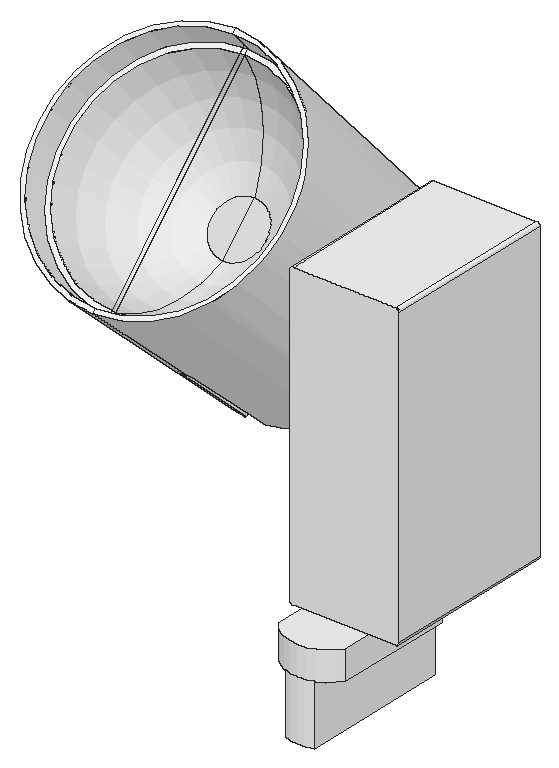
Revit family "0004929 Feilo Sylvania Lighting Fixture START TRACK SPOT L DALI 4448LM 930 MB WHT", category Lighting Fixtures, host Face, Revit 2017
Family settings
  Host = Face
  Round Connector Dimension = Use Diameter
  Part Type = Normal
  OmniClass Number = 23.80.70.00
  OmniClass Title = Lighting
  Cut with Voids When Loaded = No
  Light Source = No
  Shared = No
  Room Calculation Point = No
Parameters (values of type "0004929 START TRACK SPOT L DALI 4448LM 930 MB WHT")
  Weight = "1.398 kg"
  Wattage Comments = ""
  WarrantyStartDate [instance] = "n/a"
  WarrantyGuarantorParts = "n/a"
  WarrantyDurationUnit = "n/a"
  WarrantyDurationParts = "n/a"
  WarrantyDescription = "n/a"
  Voltage = 230 V
  URL = "http://www.sylvania-lighting.com/"
  TypeName = "START TRACK SPOT L DALI 4448LM 930 MB WHT"
  TypeHead_FEILO = Start Track Spot Head : 0004869 START TRACK SPOT L 55W 3K RA90 MB WHITE
  TypeBox_FEILO = Start Track Spot Box : Type Large White
  Type Image = <None>
  Type Comments = "n/a"
  VerticalRotation_FEILO [instance] = 0.00°
  SlideEndAngle_FEILO [instance] = VerticalRotation_FEILO + 180.00°  # 180.00°
  SerialNumber [instance] = "n/a"
  Material_3_FEILO = none
  PowerFactor = 0.96
  PowerConsumption = "55 W"
  NominalLength = 0 mm
  NominalHeight = 240 mm
  NominalDepth = 164 mm
  Name = "START TRACK SPOT L DALI 4448LM 930 MB WHT"
  ModelReference = Name  # "START TRACK SPOT L DALI 4448LM 930 MB WHT"
  ModelNumber = "0004929"
  Model = Name  # "START TRACK SPOT L DALI 4448LM 930 MB WHT"
  Material = "adc12 aluminium housing, polycarbonate diffuser"
  ManufacturerName = "Feilo Sylvania"
  Manufacturer = "Feilo Sylvania"
  LuminousEfficacy = "81 lm/W"
  LuminaireType = ""
  LightOutputRatio = "100"
  LampsType = Lamp  # "LED"
  LampNominalLuminous = "4448 lm"
  LampMacAdamStep = "3"
  LampColourTemperature = "3000 K"
  LampColourRenderingIndex = "90"
  Lamp = "LED"
  Keynote = "16500"
  InstallationDate [instance] = "n/a"
  InputVoltage = "230-240V~"
  InputNominalFrequency = "50/60 Hz"
  IngressProtection = "IP20"
  ImpactProtectionIndex = "IK02"
  IfcExportType = "IfcLightFixtureType"
  IfcExportAs = "IfcLightFixtureType"
  HorizontalRotation_FEILO [instance] = 45.00°
  ExpectedLife = 50000
  ElectricShockClassification = "Class II"
  DurationUnit = "hours"
  DocumentationLiterature = "http://www.sylvania-lighting.com/product/en-int/products/0004869"
  DimmingControlOptions = "Dimmable"
  Material_2_FEILO = none
  Description = "Integrated LED spotlight, Textured White - RAL9016, compact and minimalist design, ideal for retail applications, die-cast aluminium body, passive cooling heatsink. Beam angle: 38°, color temperature: 3000K , total system power: 55W, total fixture output: 4448 lm, LOR: 100%, colour rendering: Ra: 90 typical, LED Chromaticity: 3 step MacAdam ellipse, lifetime: >50000 hours at L70B50, energy class: A++, A+, A, IR/UV free light source without heat radiation, operating voltage: 220-240V / 50-60Hz, drive current: 1400mA, electronic driver, non-dimmable, power factor: 0.96, electrical protection: Class II, Global Track 3 Phase adapter suitable for Global trac 3-circuit tracks, ingress protection rating: IP20, suitable for internal environment only, horizontal rotation: 355°, vertical tilt: 90°, dimensions: Ø113x164x240, weight: 1.398kg."
  Default Elevation = 1219.2 mm
  CreatedOn = "04/26/2018"
  CreatedBy = ""
  Cost = 0
  built-in parameter 1114216 [instance] = (empty or 0)
  ClassificationValue = "EF_70_80"
  ClassificationName = "Uniclass2015"
  Material_1_FEILO = Body-Sylvania-StartTrackSpot-White
  BarCode [instance] = "n/a"
  AssetType = "Fixed"
  AssetIdentifier [instance] = "n/a"
  Assembly Code = "D5020200"
  Apparent Load = 55 VA
  Material_4_FEILO = none
Reference planes
  plane 1 "Center (Front/Back)": y = 0
  plane 2: z = 0
  plane 3 "Center (Left/Right)": x = 0
  plane 4: x = 15
  plane 5: x = -15
  plane 6: y = 35
  plane 7: y = -35
  plane 8: z = 13
  plane 9: z = -27
  plane 10: x = 6.5
  plane 11: x = -6.5
  plane 12: y = 27
  plane 13: y = -27
  plane 14: y = 20
Forms (mm)
  Extrusion 1, solid, material "Body-Sylvania-StartTrackSpot-White" <- "Material_1_FEILO"
    sketch origin (0, 0, 0) x (1, 0, 0) y (0, 1, 0)
      loop
        line (-15, 27) -> (-15, -27)
        arc (-15, -27) -> (0, -35) -> (15, -27) r 18.062
        line (15, -27) -> (15, 27)
        arc (15, 27) -> (0, 35) -> (-15, 27) r 18.062
    from 0 to 13
  Extrusion 2, solid, material "Body-Sylvania-StartTrackSpot-White" <- "Material_1_FEILO"
    sketch origin (0, 0, 0) x (1, 0, 0) y (0, 1, 0)
      loop
        arc (6.5, 33.79) -> (0, 35) -> (-6.5, 33.79) r 18.062
        line (-6.5, 33.79) -> (-6.5, -33.79)
        arc (-6.5, -33.79) -> (0, -35) -> (6.5, -33.79) r 18.062
        line (6.5, -33.79) -> (6.5, 33.79)
    from 0 to -27
  Revolve 3, solid, not visible
    sketch origin (1524, 20, 1219.2) x (1, 0, 0) y (0, 0, 1)
      loop
        line (-1524, -1206.2) -> (-1524, -1191.285) -> (-1530.5, -1191.285) -> (-1530.5, -1206.2) -> (-1524, -1206.2)
      axis (-1524, -1191.285) -> (-1524, -1206.2)
    angle from 0 <- "VerticalRotation_FEILO" to 180 <- "SlideEndAngle_FEILO"
Cuts and joins
  joined: Extrusion 1, Extrusion 2
Dimensions and locks
  equal spacing: plane 10, plane 3 "Center (Left/Right)", plane 11
  equal spacing: plane 4, plane 3 "Center (Left/Right)", plane 5
  locked: plane 8 to plane 2 at 13
  locked: plane 8 to plane 9 at 40
  equal spacing: plane 13, plane 1 "Center (Front/Back)", plane 12
  locked: plane 12 to plane 6 at 8
  locked: plane 14 to plane 6 at 15
  locked: Revolve 3 sketch curve to plane 8 at 14.915
  aligned and locked: plane 2 to host face
  aligned and locked: level to host face
  aligned and locked: plane 5 to Extrusion 1 sketch curve  (x2)
  aligned and locked: plane 12 to Extrusion 1 sketch curve
  aligned and locked: plane 13 to Extrusion 1 sketch curve
  aligned and locked: plane 4 to Extrusion 1 sketch curve
  aligned and locked: Extrusion 1 to plane 8
  aligned and locked: Extrusion 1 to level
  aligned and locked: Extrusion 2 sketch curve to Extrusion 1  (x2)
  aligned and locked: Extrusion 2 sketch curve to plane 11
  aligned and locked: plane 10 to Extrusion 2 sketch curve
  aligned and locked: plane 9 to Extrusion 2
  aligned and locked: level to Extrusion 2
  aligned and locked: Revolve 3 sketch curve to plane 3 "Center (Left/Right)"  (x2)
  aligned and locked: plane 11 to Revolve 3 sketch curve
  aligned and locked: Revolve 3 sketch curve to plane 8
Automatic sketch dimensions
  host sketch curve to host sketch curve = 2438.4 mm  (x2)
  Extrusion 1 sketch curve to plane 3 "Center (Left/Right)" = 0 mm  (x2)
  Extrusion 1 sketch curve to plane 13 = 10.062 mm
  plane 12 to Extrusion 1 sketch curve = 10.062 mm
  Revolve 3 sketch curve to plane 3 "Center (Left/Right)" = 0 mm
  plane 9 to Revolve 3 sketch curve = 582.6 mm
  Revolve 3 sketch curve to Revolve 3 sketch curve = 2581.144 mm
Nested families
  nested 1: "Start Track Spot Head" at (-75.5, 20, 133) x (0, 0.7071, 0.7071) z (0, 0.7071, -0.7071), type <- "TypeHead_FEILO", type "0004869 START TRACK SPOT L 55W 3K RA90 MB WHITE"
    with built-in parameter 1114216 (empty or 0)
  nested 2: "Start Track Spot Box" at (8.5, 20, 85) x (-1, 0, 0) z (0, -1, 0), BoxStartAngle_FEILO <- "HorizontalRotation_FEILO", type <- "TypeBox_FEILO", type "Type Large White"
    with BoxStartAngle_FEILO 45.00°, BoxEndAngle_FEILO -135.00°
Connectors
  electrical at (0, 0, 0), driven by "Apparent Load", driven by "PowerFactor", driven by "Voltage"
    settings: index 1, voltage 230 V, apparent load 55 VA, apparent load phase1 0 VA, apparent load phase2 0 VA, apparent load phase3 0 VA, power factor 0.96, load classification "Lighting", number of poles 1, system type 30, power factor state 1, is connector primary yes, connector utility no, sub classification motor no, connector description ""
Definition of nested family "Start Track Spot Head"
  Parameters (values of type "0004811 START TRACK SPOT S 14W 3K RA80 NB WHITE")
    Wattage Comments = "n/a"
    Wattage = 14 W
    built-in parameter 1150110 = 1 (stored number, unit not read)
    URL = "http://www.feilosylvania.com"
    Type Image = (empty or 0)
    Type Comments = "n/a"
    built-in parameter 1114217 = 1 (stored number, unit not read)
    Tilt Angle = -90.00°
    built-in parameter 1150109 = 1 (stored number, unit not read)
    built-in parameter 1150134 = (empty or 0)
    built-in parameter 1150113 = 1 (stored number, unit not read)
    Photometric Web File = "0004811.ies"
    Material_3_FEILO = none
    Model = "START TRACK SPOT S 14W 3K RA80 NB WHITE"
    Manufacturer = "Feilo Sylvania"
    built-in parameter 1150105 = 123.66 (stored number, unit not read)
    Lumens = 1554 lm
    built-in parameter 1150115 = 1 (stored number, unit not read)
    built-in parameter 1150137 = (empty or 0)
    built-in parameter 1150139 = (empty or 0)
    built-in parameter 1150112 = 1 (stored number, unit not read)
    built-in parameter 1150114 = 1 (stored number, unit not read)
    Lamp = "LED"
    Keynote = "16500"
    Material_2_FEILO = none
    built-in parameter 1150132 = (empty or 0)
    built-in parameter 1150102 = (empty or 0)
    built-in parameter 1150107 = 3000 (stored number, unit not read)
    built-in parameter 1150138 = (empty or 0)
    built-in parameter 1150106 = 1.2366 (stored number, unit not read)
    HeadThickness_FEILO = if(HeadDiaOut_FEILO > 112 mm, 2 mm, 1.5 mm)  # 1.5 mm
    HeadRibOffset_FEILO = HeadHeight_FEILO / 28  # 4.179 mm
    HeadRibDepth_FEILO = HeadHeight_FEILO / 2.1  # 55.714 mm
    HeadRibCutWidth_FEILO = HeadDiaOut_FEILO / 12  # 7.167 mm
    HeadRibCutOffset_FEILO = HeadHeight_FEILO / 2.3  # 50.87 mm
    HeadReflectorRadius_FEILO = HeadDiaOut_FEILO / 1.7  # 50.588 mm
    HeadReflectorOffset_FEILO = HeadHeight_FEILO / 2.1  # 55.714 mm
    HeadLEDRadius_FEILO = HeadDiaOut_FEILO / 9  # 9.556 mm
    HeadHeight_FEILO = 117 mm
    HeadDraft_FEILO = 1 mm
    HeadDiffusorThickness_FEILO = 3 mm
    HeadDiffusorOffset_FEILO = HeadHeight_FEILO / 12.4  # 9.435 mm
    HeadDiaOut_FEILO = 86 mm
    HeadDiaIn_FEILO = HeadDiaOut_FEILO / 1.11  # 77.477 mm
    HeadAxisFromTop_FEILO = HeadHeight_FEILO / 1.687  # 69.354 mm
    Emit from Circle Diameter = HeadDiaIn_FEILO  # 77.477 mm
    Emit Shape Visible in Rendering = no
    built-in parameter 1150104 = 10.312 (stored number, unit not read)
    Dimming Lamp Color Temperature Shift = (empty or 0)
    Description = "Integrated LED spotlight, Textured White - RAL9016, compact and minimalist design, ideal for retail applications, die-cast aluminium body, passive cooling heatsink. Beam angle: 12°, color temperature: 3000K , total system power: 14W, total fixture output: 1551 lm, LOR: 100%, colour rendering: Ra: 80 typical, LED Chromaticity: 3 step MacAdam ellipse, lifetime: >50000 hours at L70B50, energy class: A++, A+, A, IR/UV free light source without heat radiation, operating voltage: 220-240V / 50-60Hz, drive current: 350mA, electronic driver, non-dimmable, power factor: 0.92, electrical protection: Class II, Global Track 3 Phase adapter suitable for Global trac 3-circuit tracks, ingress protection rating: IP20, suitable for internal environment only, horizontal rotation: 355°, vertical tilt: 90°, dimensions: Ø86x140x200, weight: 0.940kg."
    Default Elevation = 1219.2 mm
    Cost = 0
    Color Filter = 16777215
    built-in parameter 1114216 [instance] = (empty or 0)
    Material_1_FEILO = none
    built-in parameter 1114218 = 1 (stored number, unit not read)
    built-in parameter 1150133 = 10 (stored number, unit not read)
    Assembly Code = "D5020200"
    Apparent Load = 14 VA
    Material_4_FEILO = none
  Types (96, lengths in mm): name | Wattage | built-in parameter 1150134 | Photometric Web File | Model | built-in parameter 1150105 | Lumens | built-in parameter 1150107 | built-in parameter 1150106 | HeadThickness_FEILO | HeadRibOffset_FEILO | HeadRibDepth_FEILO | HeadRibCutWidth_FEILO | HeadRibCutOffset_FEILO | HeadReflectorRadius_FEILO | HeadReflectorOffset_FEILO | HeadLEDRadius_FEILO | HeadHeight_FEILO | HeadDiffusorOffset_FEILO | HeadDiaOut_FEILO | HeadDiaIn_FEILO | HeadAxisFromTop_FEILO | Emit from Circle Diameter | built-in parameter 1150104 | Description | Apparent Load
    0004906 START TRACK SPOT L 55W 4K RA90 WB BLACK | 55 W | 12 | "0004906.ies" | "START TRACK SPOT L 55W 4K RA90 WB BLACK" | 385.15 (stored number, unit not read) | 4840 lm | 4000 (stored number, unit not read) | 3.8515 (stored number, unit not read) | 2 | 4.429 | 59.048 | 9.417 | 53.913 | 66.471 | 59.048 | 12.556 | 124 | 10 | 113 | 101.802 | 73.503 | 101.802 | 8.1755 (stored number, unit not read) | "Integrated LED spotlight, Textured Black - RAL9005, compact and minimalist design, ideal for retail applications, die-cast aluminium body, passive cooling heatsink. Beam angle: 52°, color temperature: 4000K , total system power: 55W, total fixture output: 4824 lm, LOR: 100%, colour rendering: Ra: 90 typical, LED Chromaticity: 3 step MacAdam ellipse, lifetime: >50000 hours at L70B50, energy class: A++, A+, A, IR/UV free light source without heat radiation, operating voltage: 220-240V / 50-60Hz, drive current: 1400mA, electronic driver, non-dimmable, power factor: 0.96, electrical protection: Class II, Global Track 3 Phase adapter suitable for Global trac 3-circuit tracks, ingress protection rating: IP20, suitable for internal environment only, horizontal rotation: 355°, vertical tilt: 90°, dimensions: Ø113x164x240, weight: 1.398kg." | 55 VA
    0004905 START TRACK SPOT L 55W 4K RA90 MB BLACK | 55 W | 12 | "0004905.ies" | "START TRACK SPOT L 55W 4K RA90 MB BLACK" | 389.53 (stored number, unit not read) | 4895 lm | 4000 (stored number, unit not read) | 3.8953 (stored number, unit not read) | 2 | 4.429 | 59.048 | 9.417 | 53.913 | 66.471 | 59.048 | 12.556 | 124 | 10 | 113 | 101.802 | 73.503 | 101.802 | 8.2684 (stored number, unit not read) | "Integrated LED spotlight, Textured Black - RAL9005, compact and minimalist design, ideal for retail applications, die-cast aluminium body, passive cooling heatsink. Beam angle: 38°, color temperature: 4000K , total system power: 55W, total fixture output: 4897 lm, LOR: 100%, colour rendering: Ra: 90 typical, LED Chromaticity: 3 step MacAdam ellipse, lifetime: >50000 hours at L70B50, energy class: A++, A+, A, IR/UV free light source without heat radiation, operating voltage: 220-240V / 50-60Hz, drive current: 1400mA, electronic driver, non-dimmable, power factor: 0.96, electrical protection: Class II, Global Track 3 Phase adapter suitable for Global trac 3-circuit tracks, ingress protection rating: IP20, suitable for internal environment only, horizontal rotation: 355°, vertical tilt: 90°, dimensions: Ø113x164x240, weight: 1.398kg." | 55 VA
    0004904 START TRACK SPOT L 55W 4K RA90 NB BLACK | 55 W | 12 | "0004904.ies" | "START TRACK SPOT L 55W 4K RA90 NB BLACK" | 393.91 (stored number, unit not read) | 4950 lm | 4000 (stored number, unit not read) | 3.9391 (stored number, unit not read) | 2 | 4.429 | 59.048 | 9.417 | 53.913 | 66.471 | 59.048 | 12.556 | 124 | 10 | 113 | 101.802 | 73.503 | 101.802 | 8.3613 (stored number, unit not read) | "Integrated LED spotlight, Textured Black - RAL9005, compact and minimalist design, ideal for retail applications, die-cast aluminium body, passive cooling heatsink. Beam angle: 15°, color temperature: 4000K , total system power: 55W, total fixture output: 4965 lm, LOR: 100%, colour rendering: Ra: 90 typical, LED Chromaticity: 3 step MacAdam ellipse, lifetime: >50000 hours at L70B50, energy class: A++, A+, A, IR/UV free light source without heat radiation, operating voltage: 220-240V / 50-60Hz, drive current: 1400mA, electronic driver, non-dimmable, power factor: 0.96, electrical protection: Class II, Global Track 3 Phase adapter suitable for Global trac 3-circuit tracks, ingress protection rating: IP20, suitable for internal environment only, horizontal rotation: 355°, vertical tilt: 90°, dimensions: Ø113x164x240, weight: 1.398kg." | 55 VA
    0004903 START TRACK SPOT L 35W 4K RA90 WB BLACK | 35 W | 12 | "0004903.ies" | "START TRACK SPOT L 35W 4K RA90 WB BLACK" | 284.09 (stored number, unit not read) | 3570 lm | 4000 (stored number, unit not read) | 2.8409 (stored number, unit not read) | 2 | 4.429 | 59.048 | 9.417 | 53.913 | 66.471 | 59.048 | 12.556 | 124 | 10 | 113 | 101.802 | 73.503 | 101.802 | 9.4761 (stored number, unit not read) | "Integrated LED spotlight, Textured Black - RAL9005, compact and minimalist design, ideal for retail applications, die-cast aluminium body, passive cooling heatsink. Beam angle: 52°, color temperature: 4000K , total system power: 35W, total fixture output: 3562 lm, LOR: 100%, colour rendering: Ra: 90 typical, LED Chromaticity: 3 step MacAdam ellipse, lifetime: >50000 hours at L70B50, energy class: A++, A+, A, IR/UV free light source without heat radiation, operating voltage: 220-240V / 50-60Hz, drive current: 900mA, electronic driver, non-dimmable, power factor: 0.93, electrical protection: Class II, Global Track 3 Phase adapter suitable for Global trac 3-circuit tracks, ingress protection rating: IP20, suitable for internal environment only, horizontal rotation: 355°, vertical tilt: 90°, dimensions: Ø113x164x240, weight: 1.368kg." | 35 VA
    0004902 START TRACK SPOT L 35W 4K RA90 MB BLACK | 35 W | 12 | "0004902.ies" | "START TRACK SPOT L 35W 4K RA90 MB BLACK" | 286.88 (stored number, unit not read) | 3605 lm | 4000 (stored number, unit not read) | 2.8688 (stored number, unit not read) | 2 | 4.429 | 59.048 | 9.417 | 53.913 | 66.471 | 59.048 | 12.556 | 124 | 10 | 113 | 101.802 | 73.503 | 101.802 | 9.569 (stored number, unit not read) | "Integrated LED spotlight, Textured Black - RAL9005, compact and minimalist design, ideal for retail applications, die-cast aluminium body, passive cooling heatsink. Beam angle: 38°, color temperature: 4000K , total system power: 35W, total fixture output: 3616 lm, LOR: 100%, colour rendering: Ra: 90 typical, LED Chromaticity: 3 step MacAdam ellipse, lifetime: >50000 hours at L70B50, energy class: A++, A+, A, IR/UV free light source without heat radiation, operating voltage: 220-240V / 50-60Hz, drive current: 900mA, electronic driver, non-dimmable, power factor: 0.93, electrical protection: Class II, Global Track 3 Phase adapter suitable for Global trac 3-circuit tracks, ingress protection rating: IP20, suitable for internal environment only, horizontal rotation: 355°, vertical tilt: 90°, dimensions: Ø113x164x240, weight: 1.368kg." | 35 VA
    0004901 START TRACK SPOT L 35W 4K RA90 NB BLACK | 35 W | 12 | "0004901.ies" | "START TRACK SPOT L 35W 4K RA90 NB BLACK" | 286.88 (stored number, unit not read) | 3605 lm | 4000 (stored number, unit not read) | 2.8688 (stored number, unit not read) | 2 | 4.429 | 59.048 | 9.417 | 53.913 | 66.471 | 59.048 | 12.556 | 124 | 10 | 113 | 101.802 | 73.503 | 101.802 | 9.569 (stored number, unit not read) | "Integrated LED spotlight, Textured Black - RAL9005, compact and minimalist design, ideal for retail applications, die-cast aluminium body, passive cooling heatsink. Beam angle: 15°, color temperature: 4000K , total system power: 35W, total fixture output: 3593 lm, LOR: 100%, colour rendering: Ra: 90 typical, LED Chromaticity: 3 step MacAdam ellipse, lifetime: >50000 hours at L70B50, energy class: A++, A+, A, IR/UV free light source without heat radiation, operating voltage: 220-240V / 50-60Hz, drive current: 900mA, electronic driver, non-dimmable, power factor: 0.93, electrical protection: Class II, Global Track 3 Phase adapter suitable for Global trac 3-circuit tracks, ingress protection rating: IP20, suitable for internal environment only, horizontal rotation: 355°, vertical tilt: 90°, dimensions: Ø113x164x240, weight: 1.368kg." | 35 VA
    0004900 START TRACK SPOT S 24W 4K RA90 WB BLACK | 24 W | 12 | "0004900.ies" | "START TRACK SPOT S 24W 4K RA90 WB BLACK" | 166.16 (stored number, unit not read) | 2088 lm | 4000 (stored number, unit not read) | 1.6616 (stored number, unit not read) | 1.5 | 4.179 | 55.714 | 7.167 | 50.87 | 50.588 | 55.714 | 9.556 | 117 | 9.435 | 86 | 77.477 | 69.354 | 77.477 | 8.0826 (stored number, unit not read) | "Integrated LED spotlight, Textured Black - RAL9005, compact and minimalist design, ideal for retail applications, die-cast aluminium body, passive cooling heatsink. Beam angle: 64°, color temperature: 4000K , total system power: 24W, total fixture output: 2087 lm, LOR: 100%, colour rendering: Ra: 90 typical, LED Chromaticity: 3 step MacAdam ellipse, lifetime: >50000 hours at L70B50, energy class: A++, A+, A, IR/UV free light source without heat radiation, operating voltage: 220-240V / 50-60Hz, drive current: 600mA, electronic driver, non-dimmable, power factor: 0.95, electrical protection: Class II, Global Track 3 Phase adapter suitable for Global trac 3-circuit tracks, ingress protection rating: IP20, suitable for internal environment only, horizontal rotation: 355°, vertical tilt: 90°, dimensions: Ø86x140x200, weight: 0.966kg." | 24 VA
    0004899 START TRACK SPOT S 24W 4K RA90 MB BLACK | 24 W | 12 | "0004899.ies" | "START TRACK SPOT S 24W 4K RA90 MB BLACK" | 169.98 (stored number, unit not read) | 2136 lm | 4000 (stored number, unit not read) | 1.6998 (stored number, unit not read) | 1.5 | 4.179 | 55.714 | 7.167 | 50.87 | 50.588 | 55.714 | 9.556 | 117 | 9.435 | 86 | 77.477 | 69.354 | 77.477 | 8.2684 (stored number, unit not read) | "Integrated LED spotlight, Textured Black - RAL9005, compact and minimalist design, ideal for retail applications, die-cast aluminium body, passive cooling heatsink. Beam angle: 36°, color temperature: 4000K , total system power: 24W, total fixture output: 2141 lm, LOR: 100%, colour rendering: Ra: 90 typical, LED Chromaticity: 3 step MacAdam ellipse, lifetime: >50000 hours at L70B50, energy class: A++, A+, A, IR/UV free light source without heat radiation, operating voltage: 220-240V / 50-60Hz, drive current: 600mA, electronic driver, non-dimmable, power factor: 0.95, electrical protection: Class II, Global Track 3 Phase adapter suitable for Global trac 3-circuit tracks, ingress protection rating: IP20, suitable for internal environment only, horizontal rotation: 355°, vertical tilt: 90°, dimensions: Ø86x140x200, weight: 0.966kg." | 24 VA
    0004898 START TRACK SPOT S 24W 4K RA90 NB BLACK | 24 W | 12 | "0004898.ies" | "START TRACK SPOT S 24W 4K RA90 NB BLACK" | 171.89 (stored number, unit not read) | 2160 lm | 4000 (stored number, unit not read) | 1.7189 (stored number, unit not read) | 1.5 | 4.179 | 55.714 | 7.167 | 50.87 | 50.588 | 55.714 | 9.556 | 117 | 9.435 | 86 | 77.477 | 69.354 | 77.477 | 8.3613 (stored number, unit not read) | "Integrated LED spotlight, Textured Black - RAL9005, compact and minimalist design, ideal for retail applications, die-cast aluminium body, passive cooling heatsink. Beam angle: 12°, color temperature: 4000K , total system power: 24W, total fixture output: 2155 lm, LOR: 100%, colour rendering: Ra: 90 typical, LED Chromaticity: 3 step MacAdam ellipse, lifetime: >50000 hours at L70B50, energy class: A++, A+, A, IR/UV free light source without heat radiation, operating voltage: 220-240V / 50-60Hz, drive current: 600mA, electronic driver, non-dimmable, power factor: 0.95, electrical protection: Class II, Global Track 3 Phase adapter suitable for Global trac 3-circuit tracks, ingress protection rating: IP20, suitable for internal environment only, horizontal rotation: 355°, vertical tilt: 90°, dimensions: Ø86x140x200, weight: 0.966kg." | 24 VA
    0004897 START TRACK SPOT S 14W 4K RA90 WB BLACK | 14 W | 12 | "0004897.ies" | "START TRACK SPOT S 14W 4K RA90 WB BLACK" | 108.07 (stored number, unit not read) | 1358 lm | 4000 (stored number, unit not read) | 1.0807 (stored number, unit not read) | 1.5 | 4.179 | 55.714 | 7.167 | 50.87 | 50.588 | 55.714 | 9.556 | 117 | 9.435 | 86 | 77.477 | 69.354 | 77.477 | 9.0116 (stored number, unit not read) | "Integrated LED spotlight, Textured Black - RAL9005, compact and minimalist design, ideal for retail applications, die-cast aluminium body, passive cooling heatsink. Beam angle: 64°, color temperature: 4000K , total system power: 14W, total fixture output: 1352 lm, LOR: 100%, colour rendering: Ra: 90 typical, LED Chromaticity: 3 step MacAdam ellipse, lifetime: >50000 hours at L70B50, energy class: A++, A+, A, IR/UV free light source without heat radiation, operating voltage: 220-240V / 50-60Hz, drive current: 350mA, electronic driver, non-dimmable, power factor: 0.92, electrical protection: Class II, Global Track 3 Phase adapter suitable for Global trac 3-circuit tracks, ingress protection rating: IP20, suitable for internal environment only, horizontal rotation: 355°, vertical tilt: 90°, dimensions: Ø86x140x200, weight: 0.940kg." | 14 VA
    0004896 START TRACK SPOT S 14W 4K RA90 MB BLACK | 14 W | 12 | "0004896.ies" | "START TRACK SPOT S 14W 4K RA90 MB BLACK" | 108.07 (stored number, unit not read) | 1358 lm | 4000 (stored number, unit not read) | 1.0807 (stored number, unit not read) | 1.5 | 4.179 | 55.714 | 7.167 | 50.87 | 50.588 | 55.714 | 9.556 | 117 | 9.435 | 86 | 77.477 | 69.354 | 77.477 | 9.0116 (stored number, unit not read) | "Integrated LED spotlight, Textured Black - RAL9005, compact and minimalist design, ideal for retail applications, die-cast aluminium body, passive cooling heatsink. Beam angle: 36°, color temperature: 4000K , total system power: 14W, total fixture output: 1359 lm, LOR: 100%, colour rendering: Ra: 90 typical, LED Chromaticity: 3 step MacAdam ellipse, lifetime: >50000 hours at L70B50, energy class: A++, A+, A, IR/UV free light source without heat radiation, operating voltage: 220-240V / 50-60Hz, drive current: 350mA, electronic driver, non-dimmable, power factor: 0.92, electrical protection: Class II, Global Track 3 Phase adapter suitable for Global trac 3-circuit tracks, ingress protection rating: IP20, suitable for internal environment only, horizontal rotation: 355°, vertical tilt: 90°, dimensions: Ø86x140x200, weight: 0.940kg." | 14 VA
    0004895 START TRACK SPOT S 14W 4K RA90 NB BLACK | 14 W | 12 | "0004895.ies" | "START TRACK SPOT S 14W 4K RA90 NB BLACK" | 106.95 (stored number, unit not read) | 1344 lm | 4000 (stored number, unit not read) | 1.0695 (stored number, unit not read) | 1.5 | 4.179 | 55.714 | 7.167 | 50.87 | 50.588 | 55.714 | 9.556 | 117 | 9.435 | 86 | 77.477 | 69.354 | 77.477 | 8.9187 (stored number, unit not read) | "Integrated LED spotlight, Textured Black - RAL9005, compact and minimalist design, ideal for retail applications, die-cast aluminium body, passive cooling heatsink. Beam angle: 12°, color temperature: 4000K , total system power: 14W, total fixture output: 1349 lm, LOR: 100%, colour rendering: Ra: 90 typical, LED Chromaticity: 3 step MacAdam ellipse, lifetime: >50000 hours at L70B50, energy class: A++, A+, A, IR/UV free light source without heat radiation, operating voltage: 220-240V / 50-60Hz, drive current: 350mA, electronic driver, non-dimmable, power factor: 0.92, electrical protection: Class II, Global Track 3 Phase adapter suitable for Global trac 3-circuit tracks, ingress protection rating: IP20, suitable for internal environment only, horizontal rotation: 355°, vertical tilt: 90°, dimensions: Ø86x140x200, weight: 0.940kg." | 14 VA
    0004894 START TRACK SPOT L 55W 3K RA90 WB BLACK | 55 W | (empty or 0) | "0004894.ies" | "START TRACK SPOT L 55W 3K RA90 WB BLACK" | 350.14 (stored number, unit not read) | 4400 lm | 3000 (stored number, unit not read) | 3.5014 (stored number, unit not read) | 2 | 4.429 | 59.048 | 9.417 | 53.913 | 66.471 | 59.048 | 12.556 | 124 | 10 | 113 | 101.802 | 73.503 | 101.802 | 7.4322 (stored number, unit not read) | "Integrated LED spotlight, Textured Black - RAL9005, compact and minimalist design, ideal for retail applications, die-cast aluminium body, passive cooling heatsink. Beam angle: 52°, color temperature: 3000K , total system power: 55W, total fixture output: 4405 lm, LOR: 100%, colour rendering: Ra: 90 typical, LED Chromaticity: 3 step MacAdam ellipse, lifetime: >50000 hours at L70B50, energy class: A++, A+, A, IR/UV free light source without heat radiation, operating voltage: 220-240V / 50-60Hz, drive current: 1400mA, electronic driver, non-dimmable, power factor: 0.96, electrical protection: Class II, Global Track 3 Phase adapter suitable for Global trac 3-circuit tracks, ingress protection rating: IP20, suitable for internal environment only, horizontal rotation: 355°, vertical tilt: 90°, dimensions: Ø113x164x240, weight: 1.398kg." | 55 VA
    0004893 START TRACK SPOT L 55W 3K RA90 MB BLACK | 55 W | (empty or 0) | "0004893.ies" | "START TRACK SPOT L 55W 3K RA90 MB BLACK" | 354.52 (stored number, unit not read) | 4455 lm | 3000 (stored number, unit not read) | 3.5452 (stored number, unit not read) | 2 | 4.429 | 59.048 | 9.417 | 53.913 | 66.471 | 59.048 | 12.556 | 124 | 10 | 113 | 101.802 | 73.503 | 101.802 | 7.5251 (stored number, unit not read) | "Integrated LED spotlight, Textured Black - RAL9005, compact and minimalist design, ideal for retail applications, die-cast aluminium body, passive cooling heatsink. Beam angle: 38°, color temperature: 3000K , total system power: 55W, total fixture output: 4448 lm, LOR: 100%, colour rendering: Ra: 90 typical, LED Chromaticity: 3 step MacAdam ellipse, lifetime: >50000 hours at L70B50, energy class: A++, A+, A, IR/UV free light source without heat radiation, operating voltage: 220-240V / 50-60Hz, drive current: 1400mA, electronic driver, non-dimmable, power factor: 0.96, electrical protection: Class II, Global Track 3 Phase adapter suitable for Global trac 3-circuit tracks, ingress protection rating: IP20, suitable for internal environment only, horizontal rotation: 355°, vertical tilt: 90°, dimensions: Ø113x164x240, weight: 1.398kg." | 55 VA
    0004892 START TRACK SPOT L 55W 3K RA90 NB BLACK | 55 W | (empty or 0) | "0004892.ies" | "START TRACK SPOT L 55W 3K RA90 NB BLACK" | 350.14 (stored number, unit not read) | 4400 lm | 3000 (stored number, unit not read) | 3.5014 (stored number, unit not read) | 2 | 4.429 | 59.048 | 9.417 | 53.913 | 66.471 | 59.048 | 12.556 | 124 | 10 | 113 | 101.802 | 73.503 | 101.802 | 7.4322 (stored number, unit not read) | "Integrated LED spotlight, Textured Black - RAL9005, compact and minimalist design, ideal for retail applications, die-cast aluminium body, passive cooling heatsink. Beam angle: 15°, color temperature: 3000K , total system power: 55W, total fixture output: 4416 lm, LOR: 100%, colour rendering: Ra: 90 typical, LED Chromaticity: 3 step MacAdam ellipse, lifetime: >50000 hours at L70B50, energy class: A++, A+, A, IR/UV free light source without heat radiation, operating voltage: 220-240V / 50-60Hz, drive current: 1400mA, electronic driver, non-dimmable, power factor: 0.96, electrical protection: Class II, Global Track 3 Phase adapter suitable for Global trac 3-circuit tracks, ingress protection rating: IP20, suitable for internal environment only, horizontal rotation: 355°, vertical tilt: 90°, dimensions: Ø113x164x240, weight: 1.398kg." | 55 VA
    0004891 START TRACK SPOT L 35W 3K RA90 WB BLACK | 35 W | (empty or 0) | "0004891.ies" | "START TRACK SPOT L 35W 3K RA90 WB BLACK" | 259.02 (stored number, unit not read) | 3255 lm | 3000 (stored number, unit not read) | 2.5902 (stored number, unit not read) | 2 | 4.429 | 59.048 | 9.417 | 53.913 | 66.471 | 59.048 | 12.556 | 124 | 10 | 113 | 101.802 | 73.503 | 101.802 | 8.64 (stored number, unit not read) | "Integrated LED spotlight, Textured Black - RAL9005, compact and minimalist design, ideal for retail applications, die-cast aluminium body, passive cooling heatsink. Beam angle: 52°, color temperature: 3000K , total system power: 35W, total fixture output: 3260 lm, LOR: 100%, colour rendering: Ra: 90 typical, LED Chromaticity: 3 step MacAdam ellipse, lifetime: >50000 hours at L70B50, energy class: A++, A+, A, IR/UV free light source without heat radiation, operating voltage: 220-240V / 50-60Hz, drive current: 900mA, electronic driver, non-dimmable, power factor: 0.93, electrical protection: Class II, Global Track 3 Phase adapter suitable for Global trac 3-circuit tracks, ingress protection rating: IP20, suitable for internal environment only, horizontal rotation: 355°, vertical tilt: 90°, dimensions: Ø113x164x240, weight: 1.368kg." | 35 VA
    0004890 START TRACK SPOT L 35W 3K RA90 MB BLACK | 35 W | (empty or 0) | "0004890.ies" | "START TRACK SPOT L 35W 3K RA90 MB BLACK" | 261.81 (stored number, unit not read) | 3290 lm | 3000 (stored number, unit not read) | 2.6181 (stored number, unit not read) | 2 | 4.429 | 59.048 | 9.417 | 53.913 | 66.471 | 59.048 | 12.556 | 124 | 10 | 113 | 101.802 | 73.503 | 101.802 | 8.7329 (stored number, unit not read) | "Integrated LED spotlight, Textured Black - RAL9005, compact and minimalist design, ideal for retail applications, die-cast aluminium body, passive cooling heatsink. Beam angle: 38°, color temperature: 3000K , total system power: 35W, total fixture output: 3306 lm, LOR: 100%, colour rendering: Ra: 90 typical, LED Chromaticity: 3 step MacAdam ellipse, lifetime: >50000 hours at L70B50, energy class: A++, A+, A, IR/UV free light source without heat radiation, operating voltage: 220-240V / 50-60Hz, drive current: 900mA, electronic driver, non-dimmable, power factor: 0.93, electrical protection: Class II, Global Track 3 Phase adapter suitable for Global trac 3-circuit tracks, ingress protection rating: IP20, suitable for internal environment only, horizontal rotation: 355°, vertical tilt: 90°, dimensions: Ø113x164x240, weight: 1.368kg." | 35 VA
    0004889 START TRACK SPOT L 35W 3K RA90 NB BLACK | 35 W | (empty or 0) | "0004889.ies" | "START TRACK SPOT L 35W 3K RA90 NB BLACK" | 261.81 (stored number, unit not read) | 3290 lm | 3000 (stored number, unit not read) | 2.6181 (stored number, unit not read) | 2 | 4.429 | 59.048 | 9.417 | 53.913 | 66.471 | 59.048 | 12.556 | 124 | 10 | 113 | 101.802 | 73.503 | 101.802 | 8.7329 (stored number, unit not read) | "Integrated LED spotlight, Textured Black - RAL9005, compact and minimalist design, ideal for retail applications, die-cast aluminium body, passive cooling heatsink. Beam angle: 15°, color temperature: 3000K , total system power: 35W, total fixture output: 3287 lm, LOR: 100%, colour rendering: Ra: 90 typical, LED Chromaticity: 3 step MacAdam ellipse, lifetime: >50000 hours at L70B50, energy class: A++, A+, A, IR/UV free light source without heat radiation, operating voltage: 220-240V / 50-60Hz, drive current: 900mA, electronic driver, non-dimmable, power factor: 0.93, electrical protection: Class II, Global Track 3 Phase adapter suitable for Global trac 3-circuit tracks, ingress protection rating: IP20, suitable for internal environment only, horizontal rotation: 355°, vertical tilt: 90°, dimensions: Ø113x164x240, weight: 1.368kg." | 35 VA
    0004888 START TRACK SPOT S 24W 3K RA90 WB BLACK | 24 W | (empty or 0) | "0004888.ies" | "START TRACK SPOT S 24W 3K RA90 WB BLACK" | 152.79 (stored number, unit not read) | 1920 lm | 3000 (stored number, unit not read) | 1.5279 (stored number, unit not read) | 1.5 | 4.179 | 55.714 | 7.167 | 50.87 | 50.588 | 55.714 | 9.556 | 117 | 9.435 | 86 | 77.477 | 69.354 | 77.477 | 7.4322 (stored number, unit not read) | "Integrated LED spotlight, Textured Black - RAL9005, compact and minimalist design, ideal for retail applications, die-cast aluminium body, passive cooling heatsink. Beam angle: 64°, color temperature: 3000K , total system power: 24W, total fixture output: 1928 lm, LOR: 100%, colour rendering: Ra: 90 typical, LED Chromaticity: 3 step MacAdam ellipse, lifetime: >50000 hours at L70B50, energy class: A++, A+, A, IR/UV free light source without heat radiation, operating voltage: 220-240V / 50-60Hz, drive current: 600mA, electronic driver, non-dimmable, power factor: 0.95, electrical protection: Class II, Global Track 3 Phase adapter suitable for Global trac 3-circuit tracks, ingress protection rating: IP20, suitable for internal environment only, horizontal rotation: 355°, vertical tilt: 90°, dimensions: Ø86x140x200, weight: 0.966kg." | 24 VA
    0004887 START TRACK SPOT S 24W 3K RA90 MB BLACK | 24 W | (empty or 0) | "0004887.ies" | "START TRACK SPOT S 24W 3K RA90 MB BLACK" | 154.7 (stored number, unit not read) | 1944 lm | 3000 (stored number, unit not read) | 1.547 (stored number, unit not read) | 1.5 | 4.179 | 55.714 | 7.167 | 50.87 | 50.588 | 55.714 | 9.556 | 117 | 9.435 | 86 | 77.477 | 69.354 | 77.477 | 7.5251 (stored number, unit not read) | "Integrated LED spotlight, Textured Black - RAL9005, compact and minimalist design, ideal for retail applications, die-cast aluminium body, passive cooling heatsink. Beam angle: 36°, color temperature: 3000K , total system power: 24W, total fixture output: 1944 lm, LOR: 100%, colour rendering: Ra: 90 typical, LED Chromaticity: 3 step MacAdam ellipse, lifetime: >50000 hours at L70B50, energy class: A++, A+, A, IR/UV free light source without heat radiation, operating voltage: 220-240V / 50-60Hz, drive current: 600mA, electronic driver, non-dimmable, power factor: 0.95, electrical protection: Class II, Global Track 3 Phase adapter suitable for Global trac 3-circuit tracks, ingress protection rating: IP20, suitable for internal environment only, horizontal rotation: 355°, vertical tilt: 90°, dimensions: Ø86x140x200, weight: 0.966kg." | 24 VA
    0004886 START TRACK SPOT S 24W 3K RA90 NB BLACK | 24 W | (empty or 0) | "0004886.ies" | "START TRACK SPOT S 24W 3K RA90 NB BLACK" | 158.52 (stored number, unit not read) | 1992 lm | 3000 (stored number, unit not read) | 1.5852 (stored number, unit not read) | 1.5 | 4.179 | 55.714 | 7.167 | 50.87 | 50.588 | 55.714 | 9.556 | 117 | 9.435 | 86 | 77.477 | 69.354 | 77.477 | 7.711 (stored number, unit not read) | "Integrated LED spotlight, Textured Black - RAL9005, compact and minimalist design, ideal for retail applications, die-cast aluminium body, passive cooling heatsink. Beam angle: 12°, color temperature: 3000K , total system power: 24W, total fixture output: 1987 lm, LOR: 100%, colour rendering: Ra: 90 typical, LED Chromaticity: 3 step MacAdam ellipse, lifetime: >50000 hours at L70B50, energy class: A++, A+, A, IR/UV free light source without heat radiation, operating voltage: 220-240V / 50-60Hz, drive current: 600mA, electronic driver, non-dimmable, power factor: 0.95, electrical protection: Class II, Global Track 3 Phase adapter suitable for Global trac 3-circuit tracks, ingress protection rating: IP20, suitable for internal environment only, horizontal rotation: 355°, vertical tilt: 90°, dimensions: Ø86x140x200, weight: 0.966kg." | 24 VA
    0004885 START TRACK SPOT S 14W 3K RA90 WB BLACK | 14 W | (empty or 0) | "0004885.ies" | "START TRACK SPOT S 14W 3K RA90 WB BLACK" | 100.27 (stored number, unit not read) | 1260 lm | 3000 (stored number, unit not read) | 1.0027 (stored number, unit not read) | 1.5 | 4.179 | 55.714 | 7.167 | 50.87 | 50.588 | 55.714 | 9.556 | 117 | 9.435 | 86 | 77.477 | 69.354 | 77.477 | 8.3613 (stored number, unit not read) | "Integrated LED spotlight, Textured Black - RAL9005, compact and minimalist design, ideal for retail applications, die-cast aluminium body, passive cooling heatsink. Beam angle: 64°, color temperature: 3000K , total system power: 14W, total fixture output: 1262 lm, LOR: 100%, colour rendering: Ra: 90 typical, LED Chromaticity: 3 step MacAdam ellipse, lifetime: >50000 hours at L70B50, energy class: A++, A+, A, IR/UV free light source without heat radiation, operating voltage: 220-240V / 50-60Hz, drive current: 350mA, electronic driver, non-dimmable, power factor: 0.92, electrical protection: Class II, Global Track 3 Phase adapter suitable for Global trac 3-circuit tracks, ingress protection rating: IP20, suitable for internal environment only, horizontal rotation: 355°, vertical tilt: 90°, dimensions: Ø86x140x200, weight: 0.940kg." | 14 VA
    0004884 START TRACK SPOT S 14W 3K RA90 MB BLACK | 14 W | (empty or 0) | "0004884.ies" | "START TRACK SPOT S 14W 3K RA90 MB BLACK" | 100.27 (stored number, unit not read) | 1260 lm | 3000 (stored number, unit not read) | 1.0027 (stored number, unit not read) | 1.5 | 4.179 | 55.714 | 7.167 | 50.87 | 50.588 | 55.714 | 9.556 | 117 | 9.435 | 86 | 77.477 | 69.354 | 77.477 | 8.3613 (stored number, unit not read) | "Integrated LED spotlight, Textured Black - RAL9005, compact and minimalist design, ideal for retail applications, die-cast aluminium body, passive cooling heatsink. Beam angle: 36°, color temperature: 3000K , total system power: 14W, total fixture output: 1262 lm, LOR: 100%, colour rendering: Ra: 90 typical, LED Chromaticity: 3 step MacAdam ellipse, lifetime: >50000 hours at L70B50, energy class: A++, A+, A, IR/UV free light source without heat radiation, operating voltage: 220-240V / 50-60Hz, drive current: 350mA, electronic driver, non-dimmable, power factor: 0.92, electrical protection: Class II, Global Track 3 Phase adapter suitable for Global trac 3-circuit tracks, ingress protection rating: IP20, suitable for internal environment only, horizontal rotation: 355°, vertical tilt: 90°, dimensions: Ø86x140x200, weight: 0.940kg." | 14 VA
    0004883 START TRACK SPOT S 14W 3K RA90 NB BLACK | 14 W | (empty or 0) | "0004883.ies" | "START TRACK SPOT S 14W 3K RA90 NB BLACK" | 102.5 (stored number, unit not read) | 1288 lm | 3000 (stored number, unit not read) | 1.025 (stored number, unit not read) | 1.5 | 4.179 | 55.714 | 7.167 | 50.87 | 50.588 | 55.714 | 9.556 | 117 | 9.435 | 86 | 77.477 | 69.354 | 77.477 | 8.5471 (stored number, unit not read) | "Integrated LED spotlight, Textured Black - RAL9005, compact and minimalist design, ideal for retail applications, die-cast aluminium body, passive cooling heatsink. Beam angle: 12°, color temperature: 3000K , total system power: 14W, total fixture output: 1284 lm, LOR: 100%, colour rendering: Ra: 90 typical, LED Chromaticity: 3 step MacAdam ellipse, lifetime: >50000 hours at L70B50, energy class: A++, A+, A, IR/UV free light source without heat radiation, operating voltage: 220-240V / 50-60Hz, drive current: 350mA, electronic driver, non-dimmable, power factor: 0.92, electrical protection: Class II, Global Track 3 Phase adapter suitable for Global trac 3-circuit tracks, ingress protection rating: IP20, suitable for internal environment only, horizontal rotation: 355°, vertical tilt: 90°, dimensions: Ø86x140x200, weight: 0.940kg." | 14 VA
    0004882 START TRACK SPOT L 55W 4K RA90 WB WHITE | 55 W | 12 | "0004882.ies" | "START TRACK SPOT L 55W 4K RA90 WB WHITE" | 385.15 (stored number, unit not read) | 4840 lm | 4000 (stored number, unit not read) | 3.8515 (stored number, unit not read) | 2 | 4.429 | 59.048 | 9.417 | 53.913 | 66.471 | 59.048 | 12.556 | 124 | 10 | 113 | 101.802 | 73.503 | 101.802 | 8.1755 (stored number, unit not read) | "Integrated LED spotlight, Textured White - RAL9016, compact and minimalist design, ideal for retail applications, die-cast aluminium body, passive cooling heatsink. Beam angle: 52°, color temperature: 4000K , total system power: 55W, total fixture output: 4824 lm, LOR: 100%, colour rendering: Ra: 90 typical, LED Chromaticity: 3 step MacAdam ellipse, lifetime: >50000 hours at L70B50, energy class: A++, A+, A, IR/UV free light source without heat radiation, operating voltage: 220-240V / 50-60Hz, drive current: 1400mA, electronic driver, non-dimmable, power factor: 0.96, electrical protection: Class II, Global Track 3 Phase adapter suitable for Global trac 3-circuit tracks, ingress protection rating: IP20, suitable for internal environment only, horizontal rotation: 355°, vertical tilt: 90°, dimensions: Ø113x164x240, weight: 1.398kg." | 55 VA
    0004881 START TRACK SPOT L 55W 4K RA90 MB WHITE | 55 W | 12 | "0004881.ies" | "START TRACK SPOT L 55W 4K RA90 MB WHITE" | 389.53 (stored number, unit not read) | 4895 lm | 4000 (stored number, unit not read) | 3.8953 (stored number, unit not read) | 2 | 4.429 | 59.048 | 9.417 | 53.913 | 66.471 | 59.048 | 12.556 | 124 | 10 | 113 | 101.802 | 73.503 | 101.802 | 8.2684 (stored number, unit not read) | "Integrated LED spotlight, Textured White - RAL9016, compact and minimalist design, ideal for retail applications, die-cast aluminium body, passive cooling heatsink. Beam angle: 38°, color temperature: 4000K , total system power: 55W, total fixture output: 4897 lm, LOR: 100%, colour rendering: Ra: 90 typical, LED Chromaticity: 3 step MacAdam ellipse, lifetime: >50000 hours at L70B50, energy class: A++, A+, A, IR/UV free light source without heat radiation, operating voltage: 220-240V / 50-60Hz, drive current: 1400mA, electronic driver, non-dimmable, power factor: 0.96, electrical protection: Class II, Global Track 3 Phase adapter suitable for Global trac 3-circuit tracks, ingress protection rating: IP20, suitable for internal environment only, horizontal rotation: 355°, vertical tilt: 90°, dimensions: Ø113x164x240, weight: 1.398kg." | 55 VA
    0004880 START TRACK SPOT L 55W 4K RA90 NB WHITE | 55 W | 12 | "0004880.ies" | "START TRACK SPOT L 55W 4K RA90 NB WHITE" | 393.91 (stored number, unit not read) | 4950 lm | 4000 (stored number, unit not read) | 3.9391 (stored number, unit not read) | 2 | 4.429 | 59.048 | 9.417 | 53.913 | 66.471 | 59.048 | 12.556 | 124 | 10 | 113 | 101.802 | 73.503 | 101.802 | 8.3613 (stored number, unit not read) | "Integrated LED spotlight, Textured White - RAL9016, compact and minimalist design, ideal for retail applications, die-cast aluminium body, passive cooling heatsink. Beam angle: 15°, color temperature: 4000K , total system power: 55W, total fixture output: 4965 lm, LOR: 100%, colour rendering: Ra: 90 typical, LED Chromaticity: 3 step MacAdam ellipse, lifetime: >50000 hours at L70B50, energy class: A++, A+, A, IR/UV free light source without heat radiation, operating voltage: 220-240V / 50-60Hz, drive current: 1400mA, electronic driver, non-dimmable, power factor: 0.96, electrical protection: Class II, Global Track 3 Phase adapter suitable for Global trac 3-circuit tracks, ingress protection rating: IP20, suitable for internal environment only, horizontal rotation: 355°, vertical tilt: 90°, dimensions: Ø113x164x240, weight: 1.398kg." | 55 VA
    0004879 START TRACK SPOT L 35W 4K RA90 WB WHITE | 35 W | 12 | "0004879.ies" | "START TRACK SPOT L 35W 4K RA90 WB WHITE" | 284.09 (stored number, unit not read) | 3570 lm | 4000 (stored number, unit not read) | 2.8409 (stored number, unit not read) | 2 | 4.429 | 59.048 | 9.417 | 53.913 | 66.471 | 59.048 | 12.556 | 124 | 10 | 113 | 101.802 | 73.503 | 101.802 | 9.4761 (stored number, unit not read) | "Integrated LED spotlight, Textured White - RAL9016, compact and minimalist design, ideal for retail applications, die-cast aluminium body, passive cooling heatsink. Beam angle: 52°, color temperature: 4000K , total system power: 35W, total fixture output: 3562 lm, LOR: 100%, colour rendering: Ra: 90 typical, LED Chromaticity: 3 step MacAdam ellipse, lifetime: >50000 hours at L70B50, energy class: A++, A+, A, IR/UV free light source without heat radiation, operating voltage: 220-240V / 50-60Hz, drive current: 900mA, electronic driver, non-dimmable, power factor: 0.93, electrical protection: Class II, Global Track 3 Phase adapter suitable for Global trac 3-circuit tracks, ingress protection rating: IP20, suitable for internal environment only, horizontal rotation: 355°, vertical tilt: 90°, dimensions: Ø113x164x240, weight: 1.368kg." | 35 VA
    0004878 START TRACK SPOT L 35W 4K RA90 MB WHITE | 35 W | 12 | "0004878.ies" | "START TRACK SPOT L 35W 4K RA90 MB WHITE" | 286.88 (stored number, unit not read) | 3605 lm | 4000 (stored number, unit not read) | 2.8688 (stored number, unit not read) | 2 | 4.429 | 59.048 | 9.417 | 53.913 | 66.471 | 59.048 | 12.556 | 124 | 10 | 113 | 101.802 | 73.503 | 101.802 | 9.569 (stored number, unit not read) | "Integrated LED spotlight, Textured White - RAL9016, compact and minimalist design, ideal for retail applications, die-cast aluminium body, passive cooling heatsink. Beam angle: 38°, color temperature: 4000K , total system power: 35W, total fixture output: 3616 lm, LOR: 100%, colour rendering: Ra: 90 typical, LED Chromaticity: 3 step MacAdam ellipse, lifetime: >50000 hours at L70B50, energy class: A++, A+, A, IR/UV free light source without heat radiation, operating voltage: 220-240V / 50-60Hz, drive current: 900mA, electronic driver, non-dimmable, power factor: 0.93, electrical protection: Class II, Global Track 3 Phase adapter suitable for Global trac 3-circuit tracks, ingress protection rating: IP20, suitable for internal environment only, horizontal rotation: 355°, vertical tilt: 90°, dimensions: Ø113x164x240, weight: 1.368kg." | 35 VA
    0004877 START TRACK SPOT L 35W 4K RA90 NB WHITE | 35 W | 12 | "0004877.ies" | "START TRACK SPOT L 35W 4K RA90 NB WHITE" | 286.88 (stored number, unit not read) | 3605 lm | 4000 (stored number, unit not read) | 2.8688 (stored number, unit not read) | 2 | 4.429 | 59.048 | 9.417 | 53.913 | 66.471 | 59.048 | 12.556 | 124 | 10 | 113 | 101.802 | 73.503 | 101.802 | 9.569 (stored number, unit not read) | "Integrated LED spotlight, Textured White - RAL9016, compact and minimalist design, ideal for retail applications, die-cast aluminium body, passive cooling heatsink. Beam angle: 15°, color temperature: 4000K , total system power: 35W, total fixture output: 3593 lm, LOR: 100%, colour rendering: Ra: 90 typical, LED Chromaticity: 3 step MacAdam ellipse, lifetime: >50000 hours at L70B50, energy class: A++, A+, A, IR/UV free light source without heat radiation, operating voltage: 220-240V / 50-60Hz, drive current: 900mA, electronic driver, non-dimmable, power factor: 0.93, electrical protection: Class II, Global Track 3 Phase adapter suitable for Global trac 3-circuit tracks, ingress protection rating: IP20, suitable for internal environment only, horizontal rotation: 355°, vertical tilt: 90°, dimensions: Ø113x164x240, weight: 1.368kg." | 35 VA
    0004876 START TRACK SPOT S 24W 4K RA90 WB WHITE | 24 W | 12 | "0004876.ies" | "START TRACK SPOT S 24W 4K RA90 WB WHITE" | 166.16 (stored number, unit not read) | 2088 lm | 4000 (stored number, unit not read) | 1.6616 (stored number, unit not read) | 1.5 | 4.179 | 55.714 | 7.167 | 50.87 | 50.588 | 55.714 | 9.556 | 117 | 9.435 | 86 | 77.477 | 69.354 | 77.477 | 8.0826 (stored number, unit not read) | "Integrated LED spotlight, Textured White - RAL9016, compact and minimalist design, ideal for retail applications, die-cast aluminium body, passive cooling heatsink. Beam angle: 64°, color temperature: 4000K , total system power: 24W, total fixture output: 2087 lm, LOR: 100%, colour rendering: Ra: 90 typical, LED Chromaticity: 3 step MacAdam ellipse, lifetime: >50000 hours at L70B50, energy class: A++, A+, A, IR/UV free light source without heat radiation, operating voltage: 220-240V / 50-60Hz, drive current: 600mA, electronic driver, non-dimmable, power factor: 0.95, electrical protection: Class II, Global Track 3 Phase adapter suitable for Global trac 3-circuit tracks, ingress protection rating: IP20, suitable for internal environment only, horizontal rotation: 355°, vertical tilt: 90°, dimensions: Ø86x140x200, weight: 0.966kg." | 24 VA
    0004875 START TRACK SPOT S 24W 4K RA90 MB WHITE | 24 W | 12 | "0004875.ies" | "START TRACK SPOT S 24W 4K RA90 MB WHITE" | 169.98 (stored number, unit not read) | 2136 lm | 4000 (stored number, unit not read) | 1.6998 (stored number, unit not read) | 1.5 | 4.179 | 55.714 | 7.167 | 50.87 | 50.588 | 55.714 | 9.556 | 117 | 9.435 | 86 | 77.477 | 69.354 | 77.477 | 8.2684 (stored number, unit not read) | "Integrated LED spotlight, Textured White - RAL9016, compact and minimalist design, ideal for retail applications, die-cast aluminium body, passive cooling heatsink. Beam angle: 36°, color temperature: 4000K , total system power: 24W, total fixture output: 2141 lm, LOR: 100%, colour rendering: Ra: 90 typical, LED Chromaticity: 3 step MacAdam ellipse, lifetime: >50000 hours at L70B50, energy class: A++, A+, A, IR/UV free light source without heat radiation, operating voltage: 220-240V / 50-60Hz, drive current: 600mA, electronic driver, non-dimmable, power factor: 0.95, electrical protection: Class II, Global Track 3 Phase adapter suitable for Global trac 3-circuit tracks, ingress protection rating: IP20, suitable for internal environment only, horizontal rotation: 355°, vertical tilt: 90°, dimensions: Ø86x140x200, weight: 0.966kg." | 24 VA
    0004874 START TRACK SPOT S 24W 4K RA90 NB WHITE | 24 W | 12 | "0004874.ies" | "START TRACK SPOT S 24W 4K RA90 NB WHITE" | 171.89 (stored number, unit not read) | 2160 lm | 4000 (stored number, unit not read) | 1.7189 (stored number, unit not read) | 1.5 | 4.179 | 55.714 | 7.167 | 50.87 | 50.588 | 55.714 | 9.556 | 117 | 9.435 | 86 | 77.477 | 69.354 | 77.477 | 8.3613 (stored number, unit not read) | "Integrated LED spotlight, Textured White - RAL9016, compact and minimalist design, ideal for retail applications, die-cast aluminium body, passive cooling heatsink. Beam angle: 12°, color temperature: 4000K , total system power: 24W, total fixture output: 2155 lm, LOR: 100%, colour rendering: Ra: 90 typical, LED Chromaticity: 3 step MacAdam ellipse, lifetime: >50000 hours at L70B50, energy class: A++, A+, A, IR/UV free light source without heat radiation, operating voltage: 220-240V / 50-60Hz, drive current: 600mA, electronic driver, non-dimmable, power factor: 0.95, electrical protection: Class II, Global Track 3 Phase adapter suitable for Global trac 3-circuit tracks, ingress protection rating: IP20, suitable for internal environment only, horizontal rotation: 355°, vertical tilt: 90°, dimensions: Ø86x140x200, weight: 0.966kg." | 24 VA
    0004873 START TRACK SPOT S 14W 4K RA90 WB WHITE | 14 W | 12 | "0004873.ies" | "START TRACK SPOT S 14W 4K RA90 WB WHITE" | 108.07 (stored number, unit not read) | 1358 lm | 4000 (stored number, unit not read) | 1.0807 (stored number, unit not read) | 1.5 | 4.179 | 55.714 | 7.167 | 50.87 | 50.588 | 55.714 | 9.556 | 117 | 9.435 | 86 | 77.477 | 69.354 | 77.477 | 9.0116 (stored number, unit not read) | "Integrated LED spotlight, Textured White - RAL9016, compact and minimalist design, ideal for retail applications, die-cast aluminium body, passive cooling heatsink. Beam angle: 64°, color temperature: 4000K , total system power: 14W, total fixture output: 1352 lm, LOR: 100%, colour rendering: Ra: 90 typical, LED Chromaticity: 3 step MacAdam ellipse, lifetime: >50000 hours at L70B50, energy class: A++, A+, A, IR/UV free light source without heat radiation, operating voltage: 220-240V / 50-60Hz, drive current: 350mA, electronic driver, non-dimmable, power factor: 0.92, electrical protection: Class II, Global Track 3 Phase adapter suitable for Global trac 3-circuit tracks, ingress protection rating: IP20, suitable for internal environment only, horizontal rotation: 355°, vertical tilt: 90°, dimensions: Ø86x140x200, weight: 0.940kg." | 14 VA
    0004872 START TRACK SPOT S 14W 4K RA90 MB WHITE | 14 W | 12 | "0004872.ies" | "START TRACK SPOT S 14W 4K RA90 MB WHITE" | 108.07 (stored number, unit not read) | 1358 lm | 4000 (stored number, unit not read) | 1.0807 (stored number, unit not read) | 1.5 | 4.179 | 55.714 | 7.167 | 50.87 | 50.588 | 55.714 | 9.556 | 117 | 9.435 | 86 | 77.477 | 69.354 | 77.477 | 9.0116 (stored number, unit not read) | "Integrated LED spotlight, Textured White - RAL9016, compact and minimalist design, ideal for retail applications, die-cast aluminium body, passive cooling heatsink. Beam angle: 36°, color temperature: 4000K , total system power: 14W, total fixture output: 1359 lm, LOR: 100%, colour rendering: Ra: 90 typical, LED Chromaticity: 3 step MacAdam ellipse, lifetime: >50000 hours at L70B50, energy class: A++, A+, A, IR/UV free light source without heat radiation, operating voltage: 220-240V / 50-60Hz, drive current: 350mA, electronic driver, non-dimmable, power factor: 0.92, electrical protection: Class II, Global Track 3 Phase adapter suitable for Global trac 3-circuit tracks, ingress protection rating: IP20, suitable for internal environment only, horizontal rotation: 355°, vertical tilt: 90°, dimensions: Ø86x140x200, weight: 0.940kg." | 14 VA
    0004871 START TRACK SPOT S 14W 4K RA90 NB WHITE | 14 W | 12 | "0004871.ies" | "START TRACK SPOT S 14W 4K RA90 NB WHITE" | 106.95 (stored number, unit not read) | 1344 lm | 4000 (stored number, unit not read) | 1.0695 (stored number, unit not read) | 1.5 | 4.179 | 55.714 | 7.167 | 50.87 | 50.588 | 55.714 | 9.556 | 117 | 9.435 | 86 | 77.477 | 69.354 | 77.477 | 8.9187 (stored number, unit not read) | "Integrated LED spotlight, Textured White - RAL9016, compact and minimalist design, ideal for retail applications, die-cast aluminium body, passive cooling heatsink. Beam angle: 12°, color temperature: 4000K , total system power: 14W, total fixture output: 1349 lm, LOR: 100%, colour rendering: Ra: 90 typical, LED Chromaticity: 3 step MacAdam ellipse, lifetime: >50000 hours at L70B50, energy class: A++, A+, A, IR/UV free light source without heat radiation, operating voltage: 220-240V / 50-60Hz, drive current: 350mA, electronic driver, non-dimmable, power factor: 0.92, electrical protection: Class II, Global Track 3 Phase adapter suitable for Global trac 3-circuit tracks, ingress protection rating: IP20, suitable for internal environment only, horizontal rotation: 355°, vertical tilt: 90°, dimensions: Ø86x140x200, weight: 0.940kg." | 14 VA
    0004870 START TRACK SPOT L 55W 3K RA90 WB WHITE | 55 W | (empty or 0) | "0004870.ies" | "START TRACK SPOT L 55W 3K RA90 WB WHITE" | 350.14 (stored number, unit not read) | 4400 lm | 3000 (stored number, unit not read) | 3.5014 (stored number, unit not read) | 2 | 4.429 | 59.048 | 9.417 | 53.913 | 66.471 | 59.048 | 12.556 | 124 | 10 | 113 | 101.802 | 73.503 | 101.802 | 7.4322 (stored number, unit not read) | "Integrated LED spotlight, Textured White - RAL9016, compact and minimalist design, ideal for retail applications, die-cast aluminium body, passive cooling heatsink. Beam angle: 52°, color temperature: 3000K , total system power: 55W, total fixture output: 4405 lm, LOR: 100%, colour rendering: Ra: 90 typical, LED Chromaticity: 3 step MacAdam ellipse, lifetime: >50000 hours at L70B50, energy class: A++, A+, A, IR/UV free light source without heat radiation, operating voltage: 220-240V / 50-60Hz, drive current: 1400mA, electronic driver, non-dimmable, power factor: 0.96, electrical protection: Class II, Global Track 3 Phase adapter suitable for Global trac 3-circuit tracks, ingress protection rating: IP20, suitable for internal environment only, horizontal rotation: 355°, vertical tilt: 90°, dimensions: Ø113x164x240, weight: 1.398kg." | 55 VA
    0004869 START TRACK SPOT L 55W 3K RA90 MB WHITE | 55 W | (empty or 0) | "0004869.ies" | "START TRACK SPOT L 55W 3K RA90 MB WHITE" | 354.52 (stored number, unit not read) | 4455 lm | 3000 (stored number, unit not read) | 3.5452 (stored number, unit not read) | 2 | 4.429 | 59.048 | 9.417 | 53.913 | 66.471 | 59.048 | 12.556 | 124 | 10 | 113 | 101.802 | 73.503 | 101.802 | 7.5251 (stored number, unit not read) | "Integrated LED spotlight, Textured White - RAL9016, compact and minimalist design, ideal for retail applications, die-cast aluminium body, passive cooling heatsink. Beam angle: 38°, color temperature: 3000K , total system power: 55W, total fixture output: 4448 lm, LOR: 100%, colour rendering: Ra: 90 typical, LED Chromaticity: 3 step MacAdam ellipse, lifetime: >50000 hours at L70B50, energy class: A++, A+, A, IR/UV free light source without heat radiation, operating voltage: 220-240V / 50-60Hz, drive current: 1400mA, electronic driver, non-dimmable, power factor: 0.96, electrical protection: Class II, Global Track 3 Phase adapter suitable for Global trac 3-circuit tracks, ingress protection rating: IP20, suitable for internal environment only, horizontal rotation: 355°, vertical tilt: 90°, dimensions: Ø113x164x240, weight: 1.398kg." | 55 VA
    0004868 START TRACK SPOT L 55W 3K RA90 NB WHITE | 55 W | (empty or 0) | "0004868.ies" | "START TRACK SPOT L 55W 3K RA90 NB WHITE" | 350.14 (stored number, unit not read) | 4400 lm | 3000 (stored number, unit not read) | 3.5014 (stored number, unit not read) | 2 | 4.429 | 59.048 | 9.417 | 53.913 | 66.471 | 59.048 | 12.556 | 124 | 10 | 113 | 101.802 | 73.503 | 101.802 | 7.4322 (stored number, unit not read) | "Integrated LED spotlight, Textured White - RAL9016, compact and minimalist design, ideal for retail applications, die-cast aluminium body, passive cooling heatsink. Beam angle: 15°, color temperature: 3000K , total system power: 55W, total fixture output: 4416 lm, LOR: 100%, colour rendering: Ra: 90 typical, LED Chromaticity: 3 step MacAdam ellipse, lifetime: >50000 hours at L70B50, energy class: A++, A+, A, IR/UV free light source without heat radiation, operating voltage: 220-240V / 50-60Hz, drive current: 1400mA, electronic driver, non-dimmable, power factor: 0.96, electrical protection: Class II, Global Track 3 Phase adapter suitable for Global trac 3-circuit tracks, ingress protection rating: IP20, suitable for internal environment only, horizontal rotation: 355°, vertical tilt: 90°, dimensions: Ø113x164x240, weight: 1.398kg." | 55 VA
    0004867 START TRACK SPOT L 35W 3K RA90 WB WHITE | 35 W | (empty or 0) | "0004867.ies" | "START TRACK SPOT L 35W 3K RA90 WB WHITE" | 259.02 (stored number, unit not read) | 3255 lm | 3000 (stored number, unit not read) | 2.5902 (stored number, unit not read) | 2 | 4.429 | 59.048 | 9.417 | 53.913 | 66.471 | 59.048 | 12.556 | 124 | 10 | 113 | 101.802 | 73.503 | 101.802 | 8.64 (stored number, unit not read) | "Integrated LED spotlight, Textured White - RAL9016, compact and minimalist design, ideal for retail applications, die-cast aluminium body, passive cooling heatsink. Beam angle: 52°, color temperature: 3000K , total system power: 35W, total fixture output: 3260 lm, LOR: 100%, colour rendering: Ra: 90 typical, LED Chromaticity: 3 step MacAdam ellipse, lifetime: >50000 hours at L70B50, energy class: A++, A+, A, IR/UV free light source without heat radiation, operating voltage: 220-240V / 50-60Hz, drive current: 900mA, electronic driver, non-dimmable, power factor: 0.93, electrical protection: Class II, Global Track 3 Phase adapter suitable for Global trac 3-circuit tracks, ingress protection rating: IP20, suitable for internal environment only, horizontal rotation: 355°, vertical tilt: 90°, dimensions: Ø113x164x240, weight: 1.368kg." | 35 VA
    0004866 START TRACK SPOT L 35W 3K RA90 MB WHITE | 35 W | (empty or 0) | "0004866.ies" | "START TRACK SPOT L 35W 3K RA90 MB WHITE" | 261.81 (stored number, unit not read) | 3290 lm | 3000 (stored number, unit not read) | 2.6181 (stored number, unit not read) | 2 | 4.429 | 59.048 | 9.417 | 53.913 | 66.471 | 59.048 | 12.556 | 124 | 10 | 113 | 101.802 | 73.503 | 101.802 | 8.7329 (stored number, unit not read) | "Integrated LED spotlight, Textured White - RAL9016, compact and minimalist design, ideal for retail applications, die-cast aluminium body, passive cooling heatsink. Beam angle: 38°, color temperature: 3000K , total system power: 35W, total fixture output: 3306 lm, LOR: 100%, colour rendering: Ra: 90 typical, LED Chromaticity: 3 step MacAdam ellipse, lifetime: >50000 hours at L70B50, energy class: A++, A+, A, IR/UV free light source without heat radiation, operating voltage: 220-240V / 50-60Hz, drive current: 900mA, electronic driver, non-dimmable, power factor: 0.93, electrical protection: Class II, Global Track 3 Phase adapter suitable for Global trac 3-circuit tracks, ingress protection rating: IP20, suitable for internal environment only, horizontal rotation: 355°, vertical tilt: 90°, dimensions: Ø113x164x240, weight: 1.368kg." | 35 VA
    0004865 START TRACK SPOT L 35W 3K RA90 NB WHITE | 35 W | (empty or 0) | "0004865.ies" | "START TRACK SPOT L 35W 3K RA90 NB WHITE" | 261.81 (stored number, unit not read) | 3290 lm | 3000 (stored number, unit not read) | 2.6181 (stored number, unit not read) | 2 | 4.429 | 59.048 | 9.417 | 53.913 | 66.471 | 59.048 | 12.556 | 124 | 10 | 113 | 101.802 | 73.503 | 101.802 | 8.7329 (stored number, unit not read) | "Integrated LED spotlight, Textured White - RAL9016, compact and minimalist design, ideal for retail applications, die-cast aluminium body, passive cooling heatsink. Beam angle: 15°, color temperature: 3000K , total system power: 35W, total fixture output: 3287 lm, LOR: 100%, colour rendering: Ra: 90 typical, LED Chromaticity: 3 step MacAdam ellipse, lifetime: >50000 hours at L70B50, energy class: A++, A+, A, IR/UV free light source without heat radiation, operating voltage: 220-240V / 50-60Hz, drive current: 900mA, electronic driver, non-dimmable, power factor: 0.93, electrical protection: Class II, Global Track 3 Phase adapter suitable for Global trac 3-circuit tracks, ingress protection rating: IP20, suitable for internal environment only, horizontal rotation: 355°, vertical tilt: 90°, dimensions: Ø113x164x240, weight: 1.368kg." | 35 VA
